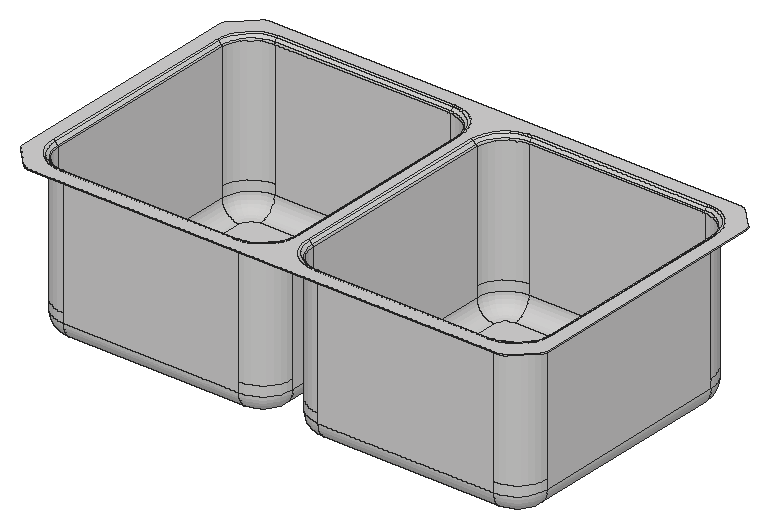
Revit family "Sink-Undermount-Kitchen-KOHLER-Undertone-K-3171_1", category Plumbing Fixtures, host Face, Revit 2017 (continued)
Definition of nested family "K-3171"
  Forms (in)
    Extrusion 147, solid, visible <- "Sink_Rack", detail levels coarse
      sketch origin (0, 0, 0) x (1, 0, 0) y (0, 1, 0)
        loop
          line (-12.87123, -10.375) -> (-2.37379, -10.375)
          arc (-2.37379, -10.375) -> (-1.40152, -9.97227) -> (-0.99879, -9) r 1.375
          line (-0.99879, -9) -> (-0.99879, 3.25)
          arc (-0.99879, 3.25) -> (-1.40152, 4.22227) -> (-2.37379, 4.625) r 1.375
      from -8.06692 to -8.38557
    Extrusion 148, solid, material <- "Material", detail levels medium+fine
      sketch origin (0, 0, 0) x (1, 0, 0) y (0, 1, 0)
        loop
          circle (-7.625, 0) r 0.07417
        loop
          circle (7.625, 0) r 0.07417
      from -9.75 to -9.72944
  Cuts and joins
    Revolve 5, Revolve 22 cuts Revolve 4
    Revolve 22 cuts Sweep 1
    Revolve 5, Revolve 22 cuts Extrusion 2
    Revolve 5, Revolve 22 cuts Blend 3
    Revolve 22 cuts Sweep 7
    Revolve 22 cuts Blend 8
    Revolve 22 cuts Extrusion 9
    Revolve 22 cuts Extrusion 10
    joined: Sweep 1, Extrusion 2, Blend 3, Sweep 7, Blend 8, Extrusion 9, Extrusion 10
    Extrusion 15 cuts Extrusion 14
    Revolve 22, Extrusion 23, Extrusion 24, Extrusion 36, Extrusion 37, Extrusion 38, Extrusion 39, Extrusion 40, Extrusion 41, Extrusion 42, Extrusion 43, Extrusion 44, Extrusion 45, Extrusion 46, Extrusion 47, Extrusion 48, Extrusion 49, Extrusion 50, Extrusion 51, Extrusion 52, Extrusion 53, Extrusion 54, Extrusion 55, Extrusion 56, Extrusion 57, Extrusion 58, Extrusion 59, Extrusion 60, Extrusion 61, Extrusion 62, Extrusion 63, Extrusion 64, Extrusion 65, Extrusion 66, Extrusion 67, Extrusion 87, Extrusion 88, Extrusion 116, Extrusion 117, Extrusion 118, Extrusion 119, Extrusion 120, Extrusion 121, Extrusion 122, Extrusion 123, Extrusion 124, Extrusion 125, Extrusion 126, Extrusion 127, Extrusion 128, Extrusion 129, Extrusion 130, Extrusion 131, Extrusion 132, Extrusion 133, Extrusion 134, Extrusion 135, Extrusion 136, Extrusion 137, Extrusion 138, Extrusion 139, Extrusion 140, Extrusion 141, Extrusion 142 cuts Revolve 6
    Revolve 22 cuts Revolve 20
    Extrusion 24, Extrusion 25, Extrusion 26, Extrusion 27, Extrusion 28, Extrusion 29, Extrusion 30, Extrusion 31, Extrusion 32, Extrusion 33, Extrusion 34, Extrusion 35, Extrusion 48, Extrusion 68, Extrusion 69, Extrusion 70, Extrusion 71, Extrusion 72, Extrusion 73, Extrusion 74, Extrusion 75, Extrusion 76, Extrusion 77, Extrusion 78, Extrusion 79, Extrusion 80, Extrusion 81, Extrusion 82, Extrusion 83, Extrusion 84, Extrusion 85, Extrusion 86, Extrusion 88, Extrusion 89, Extrusion 90, Extrusion 91, Extrusion 92, Extrusion 93, Extrusion 94, Extrusion 95, Extrusion 96, Extrusion 97, Extrusion 98, Extrusion 99, Extrusion 100, Extrusion 101, Extrusion 102, Extrusion 103, Extrusion 104, Extrusion 105, Extrusion 106, Extrusion 107, Extrusion 108, Extrusion 109, Extrusion 110, Extrusion 111, Extrusion 112, Extrusion 113, Extrusion 114, Extrusion 115 cuts Revolve 21
    Extrusion 144 cuts Extrusion 143
  Lines and regions (in)
    Masking region 1
      outline origin (-7.625, 0, 0) x (0, 1, 0) y (0, 0, 1)
        loop
          line (6.125, 0) -> (-11.875, 0) -> (-11.875, -0.048) -> (-11.06244, -0.048)
          arc (-11.06244, -0.048) -> (-11.02427, -0.05556) -> (-10.99184, -0.07708) r 0.10024
          line (-10.99184, -0.07708) -> (-10.83272, -0.23496)
          arc (-10.83272, -0.23496) -> (-10.80817, -0.27147) -> (-10.79955, -0.3146) r 0.1122
          line (-10.79955, -0.3146) -> (-10.79955, -8.36378)
          arc (-10.79955, -8.36378) -> (-10.47283, -9.15255) -> (-9.68406, -9.47927) r 1.11549
          line (-9.68406, -9.47927) -> (-2.36146, -9.55324) -> (-2.30582, -9.62708)
          arc (-2.30582, -9.62708) -> (-2.28533, -9.64707) -> (-2.25979, -9.66001) r 0.09453
          line (-2.25979, -9.66001) -> (-2.06006, -9.72552)
          arc (-2.06006, -9.72552) -> (-1.98445, -9.74384) -> (-1.90691, -9.75) r 0.49136
          line (-1.90691, -9.75) -> (1.86557, -9.75)
          arc (1.86557, -9.75) -> (1.98394, -9.7406) -> (2.09933, -9.71264) r 0.75
          line (2.09933, -9.71264) -> (2.25979, -9.66001)
          arc (2.25979, -9.66001) -> (2.28533, -9.64707) -> (2.30582, -9.62708) r 0.09453
          line (2.30582, -9.62708) -> (2.36146, -9.55324) -> (3.77292, -9.47927) -> (3.93406, -9.47927)
          arc (3.93406, -9.47927) -> (4.72283, -9.15255) -> (5.04955, -8.36378) r 1.11549
          line (5.04955, -8.36378) -> (5.04955, -0.3146)
          arc (5.04955, -0.3146) -> (5.05817, -0.27147) -> (5.08272, -0.23496) r 0.1122
          line (5.08272, -0.23496) -> (5.24184, -0.07708)
          arc (5.24184, -0.07708) -> (5.27427, -0.05556) -> (5.31244, -0.048) r 0.10024
          line (5.31244, -0.048) -> (6.125, -0.048) -> (6.125, 0)
    Masking region 2
      outline origin (0, 0, 0) x (1, 0, 0) y (0, 0, 1)
        loop
          line (-15.75, 0) -> (-15.75, -0.048) -> (-14.94093, -0.048)
          arc (-14.94093, -0.048) -> (-14.89832, -0.05648) -> (-14.86219, -0.08061) r 0.11135
          line (-14.86219, -0.08061) -> (-14.70683, -0.23597)
          arc (-14.70683, -0.23597) -> (-14.68279, -0.27195) -> (-14.67435, -0.31439) r 0.1109
          line (-14.67435, -0.31439) -> (-14.67435, -8.39815)
          arc (-14.67435, -8.39815) -> (-14.3577, -9.16262) -> (-13.59323, -9.47927) r 1.08112
          line (-13.59323, -9.47927) -> (-13.45823, -9.47927) -> (-9.98522, -9.55341) -> (-9.94813, -9.60638)
          arc (-9.94813, -9.60638) -> (-9.91201, -9.64346) -> (-9.86599, -9.66717) r 0.16103
          line (-9.86599, -9.66717) -> (-9.61105, -9.75) -> (-5.63895, -9.75) -> (-5.38401, -9.66717)
          arc (-5.38401, -9.66717) -> (-5.33799, -9.64346) -> (-5.30187, -9.60638) r 0.16103
          line (-5.30187, -9.60638) -> (-5.26478, -9.55341) -> (-1.79177, -9.47927) -> (-1.65677, -9.47927)
          arc (-1.65677, -9.47927) -> (-0.8923, -9.16262) -> (-0.57565, -8.39815) r 1.08112
          line (-0.57565, -8.39815) -> (-0.57565, -0.31439)
          arc (-0.57565, -0.31439) -> (-0.56721, -0.27195) -> (-0.54317, -0.23597) r 0.1109
          line (-0.54317, -0.23597) -> (-0.38781, -0.08061)
          arc (-0.38781, -0.08061) -> (-0.35168, -0.05648) -> (-0.30907, -0.048) r 0.11135
          line (-0.30907, -0.048) -> (0.30907, -0.048)
          arc (0.30907, -0.048) -> (0.35168, -0.05648) -> (0.38781, -0.08061) r 0.11135
          line (0.38781, -0.08061) -> (0.54317, -0.23597)
          arc (0.54317, -0.23597) -> (0.56721, -0.27195) -> (0.57565, -0.31439) r 0.1109
          line (0.57565, -0.31439) -> (0.57565, -8.39815)
          arc (0.57565, -8.39815) -> (0.8923, -9.16262) -> (1.65677, -9.47927) r 1.08112
          line (1.65677, -9.47927) -> (1.79177, -9.47927) -> (5.26478, -9.55341) -> (5.30187, -9.60638)
          arc (5.30187, -9.60638) -> (5.33799, -9.64346) -> (5.38401, -9.66717) r 0.16103
          line (5.38401, -9.66717) -> (5.63895, -9.75) -> (9.61105, -9.75) -> (9.86599, -9.66717)
          arc (9.86599, -9.66717) -> (9.91201, -9.64346) -> (9.94813, -9.60638) r 0.16103
          line (9.94813, -9.60638) -> (9.98522, -9.55341) -> (13.45823, -9.47927) -> (13.59323, -9.47927)
          arc (13.59323, -9.47927) -> (14.3577, -9.16262) -> (14.67435, -8.39815) r 1.08112
          line (14.67435, -8.39815) -> (14.67435, -0.31439)
          arc (14.67435, -0.31439) -> (14.68279, -0.27195) -> (14.70683, -0.23597) r 0.1109
          line (14.70683, -0.23597) -> (14.86219, -0.08061)
          arc (14.86219, -0.08061) -> (14.89832, -0.05648) -> (14.94093, -0.048) r 0.11135
          line (14.94093, -0.048) -> (15.75, -0.048) -> (15.75, 0) -> (-15.75, 0)
    Masking region 3
      outline origin (0, 0, 0) x (1, 0, 0) y (0, 1, 0)
        loop
          line (-14.50217, 5.97283) -> (-15.59806, 4.87694)
          arc (-15.59806, 4.87694) -> (-15.71051, 4.70864) -> (-15.75, 4.51012) r 0.51876
          line (-15.75, 4.51012) -> (-15.75, -10.2598)
          arc (-15.75, -10.2598) -> (-15.71045, -10.45862) -> (-15.59783, -10.62717) r 0.51953
          line (-15.59783, -10.62717) -> (-14.50217, -11.72283)
          arc (-14.50217, -11.72283) -> (-14.33362, -11.83545) -> (-14.1348, -11.875) r 0.51953
          line (-14.1348, -11.875) -> (14.1348, -11.875)
          arc (14.1348, -11.875) -> (14.33362, -11.83545) -> (14.50217, -11.72283) r 0.51953
          line (14.50217, -11.72283) -> (15.59741, -10.62759)
          arc (15.59741, -10.62759) -> (15.71034, -10.45857) -> (15.75, -10.25921) r 0.52097
          line (15.75, -10.25921) -> (15.75, 4.5098)
          arc (15.75, 4.5098) -> (15.71045, 4.70862) -> (15.59783, 4.87717) r 0.51953
          line (15.59783, 4.87717) -> (14.50217, 5.97283)
          arc (14.50217, 5.97283) -> (14.33362, 6.08545) -> (14.1348, 6.125) r 0.51953
          line (14.1348, 6.125) -> (-14.1348, 6.125)
          arc (-14.1348, 6.125) -> (-14.33362, 6.08545) -> (-14.50217, 5.97283) r 0.51953
    symbolic lines, detail levels medium+fine
      curve 1: line (-7.625, 5.31244, -0.048) -> (-7.625, -11.06244, -0.048)
      curve 2: line (-7.625, 2.36831, -9.55324) -> (-7.625, -2.36831, -9.55324)
      curve 3: line (-14.97349, 0, -0.048) -> (-0.27651, 0, -0.048)
      curve 4: line (-9.99331, 0, -9.55324) -> (-5.25669, 0, -9.55324)
      curve 5: line (14.97349, 0, -0.048) -> (0.27651, 0, -0.048)
      curve 6: line (9.99331, 0, -9.55324) -> (5.25669, 0, -9.55324)
      curve 15: line (12.875, -9.58323, 0) -> (2.375, -9.58323, 0)
      curve 16: arc (2.375, -9.58323, 0) -> (1.96259, -9.41241, 0) -> (1.79177, -9, 0) r 0.58323
      curve 17: line (1.79177, -9, 0) -> (1.79177, 3.25, 0)
      curve 18: arc (1.79177, 3.25, 0) -> (1.96259, 3.66241, 0) -> (2.375, 3.83323, 0) r 0.58323
      curve 19: line (2.375, 3.83323, 0) -> (12.875, 3.83323, 0)
      curve 20: arc (12.875, 3.83323, 0) -> (13.28741, 3.66241, 0) -> (13.45823, 3.25, 0) r 0.58323
      curve 21: line (13.45823, 3.25, 0) -> (13.45823, -9, 0)
      curve 22: arc (13.45823, -9, 0) -> (13.28741, -9.41241, 0) -> (12.875, -9.58323, 0) r 0.58323
      curve 25: arc (7.625, -1.55101, 0) -> (6.07399, 0, 0) -> (7.625, 1.55101, 0) r 1.55101
      curve 26: arc (7.625, 1.55101, 0) -> (9.17601, 0, 0) -> (7.625, -1.55101, 0) r 1.55101
      curve 27: arc (7.53125, 1.28717, 0) -> (7.625, 1.19342, 0) -> (7.71875, 1.28717, 0) r 0.09375
      curve 28: arc (7.71875, 1.28717, 0) -> (7.625, 1.38092, 0) -> (7.53125, 1.28717, 0) r 0.09375
      curve 29: arc (7.53125, 0.94907, 0) -> (7.625, 0.85532, 0) -> (7.71875, 0.94907, 0) r 0.09375
      curve 30: arc (7.71875, 0.94907, 0) -> (7.625, 1.04282, 0) -> (7.53125, 0.94907, 0) r 0.09375
      curve 31: arc (7.81986, 1.27578, 0) -> (7.89042, 1.16353, 0) -> (8.00267, 1.23408, 0) r 0.09375
      curve 32: arc (8.00267, 1.23408, 0) -> (7.93212, 1.34633, 0) -> (7.81986, 1.27578, 0) r 0.09375
      curve 33: arc (8.00744, 0.87365, 0) -> (7.94725, 0.99178, 0) -> (7.82912, 0.93159, 0) r 0.09375
      curve 34: arc (7.82912, 0.93159, 0) -> (7.88931, 0.81346, 0) -> (8.00744, 0.87365, 0) r 0.09375
      curve 35: arc (8.09872, 1.20049, 0) -> (8.14254, 1.07536, 0) -> (8.26767, 1.11918, 0) r 0.09375
      curve 36: arc (8.26767, 1.11918, 0) -> (8.22385, 1.24431, 0) -> (8.09872, 1.20049, 0) r 0.09375
      curve 37: arc (8.35384, 1.06507, 0) -> (8.36873, 0.93333, 0) -> (8.50048, 0.94822, 0) r 0.09375
      curve 38: arc (8.50048, 0.94822, 0) -> (8.48558, 1.07997, 0) -> (8.35384, 1.06507, 0) r 0.09375
      curve 39: arc (8.25869, 0.71271, 0) -> (8.23795, 0.84366, 0) -> (8.107, 0.82292, 0) r 0.09375
      curve 40: arc (8.107, 0.82292, 0) -> (8.12774, 0.69197, 0) -> (8.25869, 0.71271, 0) r 0.09375
      curve 41: arc (7.85441, 0.58484, 0) -> (7.88872, 0.45678, 0) -> (8.01679, 0.49109, 0) r 0.09375
      curve 42: arc (8.01679, 0.49109, 0) -> (7.98247, 0.61916, 0) -> (7.85441, 0.58484, 0) r 0.09375
      curve 43: arc (7.53125, 0.62119, 0) -> (7.625, 0.52744, 0) -> (7.71875, 0.62119, 0) r 0.09375
      curve 44: arc (7.71875, 0.62119, 0) -> (7.625, 0.71494, 0) -> (7.53125, 0.62119, 0) r 0.09375
      curve 45: arc (8.11609, 0.39179, 0) -> (8.08178, 0.26372, 0) -> (8.20984, 0.22941, 0) r 0.09375
      curve 46: arc (8.20984, 0.22941, 0) -> (8.24416, 0.35747, 0) -> (8.11609, 0.39179, 0) r 0.09375
      curve 47: arc (8.44792, 0.482, 0) -> (8.46866, 0.61295, 0) -> (8.33771, 0.63369, 0) r 0.09375
      curve 48: arc (8.33771, 0.63369, 0) -> (8.31697, 0.50274, 0) -> (8.44792, 0.482, 0) r 0.09375
      curve 49: arc (8.57246, 0.87631, 0) -> (8.55768, 0.74455, 0) -> (8.68944, 0.72977, 0) r 0.09375
      curve 50: arc (8.68944, 0.72977, 0) -> (8.70422, 0.86153, 0) -> (8.57246, 0.87631, 0) r 0.09375
      curve 51: arc (8.49865, 0.38244, 0) -> (8.43846, 0.26431, 0) -> (8.55659, 0.20412, 0) r 0.09375
      curve 52: arc (8.55659, 0.20412, 0) -> (8.61678, 0.32225, 0) -> (8.49865, 0.38244, 0) r 0.09375
      curve 53: arc (8.74362, 0.64364, 0) -> (8.69991, 0.51847, 0) -> (8.82508, 0.47476, 0) r 0.09375
      curve 54: arc (8.82508, 0.47476, 0) -> (8.86879, 0.59993, 0) -> (8.74362, 0.64364, 0) r 0.09375
      curve 55: arc (8.85875, 0.37874, 0) -> (8.7883, 0.26643, 0) -> (8.90061, 0.19598, 0) r 0.09375
      curve 56: arc (8.90061, 0.19598, 0) -> (8.97107, 0.30829, 0) -> (8.85875, 0.37874, 0) r 0.09375
      curve 57: arc (8.24619, 0.09375, 0) -> (8.15244, 0, 0) -> (8.24619, -0.09375, 0) r 0.09375
      curve 58: arc (8.24619, -0.09375, 0) -> (8.33994, 0, 0) -> (8.24619, 0.09375, 0) r 0.09375
      curve 59: arc (8.57407, -0.09375, 0) -> (8.66782, 0, 0) -> (8.57407, 0.09375, 0) r 0.09375
      curve 60: arc (8.57407, 0.09375, 0) -> (8.48032, 0, 0) -> (8.57407, -0.09375, 0) r 0.09375
      curve 61: arc (8.91225, -0.09263, 0) -> (9.00592, 0.00121, 0) -> (8.91209, 0.09487, 0) r 0.09375
      curve 62: arc (8.91209, 0.09487, 0) -> (8.81842, 0.00104, 0) -> (8.91225, -0.09263, 0) r 0.09375
      curve 63: arc (7.53125, -1.28717, 0) -> (7.625, -1.19342, 0) -> (7.71875, -1.28717, 0) r 0.09375
      curve 64: arc (7.71875, -1.28717, 0) -> (7.625, -1.38092, 0) -> (7.53125, -1.28717, 0) r 0.09375
      curve 65: arc (7.53125, -0.94907, 0) -> (7.625, -0.85532, 0) -> (7.71875, -0.94907, 0) r 0.09375
      curve 66: arc (7.71875, -0.94907, 0) -> (7.625, -1.04282, 0) -> (7.53125, -0.94907, 0) r 0.09375
      curve 67: arc (7.81986, -1.27578, 0) -> (7.89042, -1.16353, 0) -> (8.00267, -1.23408, 0) r 0.09375
      curve 68: arc (8.00267, -1.23408, 0) -> (7.93212, -1.34633, 0) -> (7.81986, -1.27578, 0) r 0.09375
      curve 69: arc (8.00744, -0.87365, 0) -> (7.94725, -0.99178, 0) -> (7.82912, -0.93159, 0) r 0.09375
      curve 70: arc (7.82912, -0.93159, 0) -> (7.88931, -0.81346, 0) -> (8.00744, -0.87365, 0) r 0.09375
      curve 71: arc (8.09872, -1.20049, 0) -> (8.14254, -1.07536, 0) -> (8.26767, -1.11918, 0) r 0.09375
      curve 72: arc (8.26767, -1.11918, 0) -> (8.22385, -1.24431, 0) -> (8.09872, -1.20049, 0) r 0.09375
      curve 73: arc (8.35384, -1.06507, 0) -> (8.36873, -0.93333, 0) -> (8.50048, -0.94822, 0) r 0.09375
      curve 74: arc (8.50048, -0.94822, 0) -> (8.48558, -1.07997, 0) -> (8.35384, -1.06507, 0) r 0.09375
      curve 75: arc (8.25869, -0.71271, 0) -> (8.23795, -0.84366, 0) -> (8.107, -0.82292, 0) r 0.09375
      curve 76: arc (8.107, -0.82292, 0) -> (8.12774, -0.69197, 0) -> (8.25869, -0.71271, 0) r 0.09375
      curve 77: arc (7.85441, -0.58484, 0) -> (7.88872, -0.45678, 0) -> (8.01679, -0.49109, 0) r 0.09375
      curve 78: arc (8.01679, -0.49109, 0) -> (7.98247, -0.61916, 0) -> (7.85441, -0.58484, 0) r 0.09375
      curve 79: arc (7.53125, -0.62119, 0) -> (7.625, -0.52744, 0) -> (7.71875, -0.62119, 0) r 0.09375
      curve 80: arc (7.71875, -0.62119, 0) -> (7.625, -0.71494, 0) -> (7.53125, -0.62119, 0) r 0.09375
      curve 81: arc (8.11609, -0.39179, 0) -> (8.08178, -0.26372, 0) -> (8.20984, -0.22941, 0) r 0.09375
      curve 82: arc (8.20984, -0.22941, 0) -> (8.24416, -0.35747, 0) -> (8.11609, -0.39179, 0) r 0.09375
      curve 83: arc (8.44792, -0.482, 0) -> (8.46866, -0.61295, 0) -> (8.33771, -0.63369, 0) r 0.09375
      curve 84: arc (8.33771, -0.63369, 0) -> (8.31697, -0.50274, 0) -> (8.44792, -0.482, 0) r 0.09375
      curve 85: arc (8.57246, -0.87631, 0) -> (8.55768, -0.74455, 0) -> (8.68944, -0.72977, 0) r 0.09375
      curve 86: arc (8.68944, -0.72977, 0) -> (8.70422, -0.86153, 0) -> (8.57246, -0.87631, 0) r 0.09375
      curve 87: arc (8.49865, -0.38244, 0) -> (8.43846, -0.26431, 0) -> (8.55659, -0.20412, 0) r 0.09375
      curve 88: arc (8.55659, -0.20412, 0) -> (8.61678, -0.32225, 0) -> (8.49865, -0.38244, 0) r 0.09375
      curve 89: arc (8.74362, -0.64364, 0) -> (8.69991, -0.51847, 0) -> (8.82508, -0.47476, 0) r 0.09375
      curve 90: arc (8.82508, -0.47476, 0) -> (8.86879, -0.59993, 0) -> (8.74362, -0.64364, 0) r 0.09375
      curve 91: arc (8.85875, -0.37874, 0) -> (8.7883, -0.26643, 0) -> (8.90061, -0.19598, 0) r 0.09375
      curve 92: arc (8.90061, -0.19598, 0) -> (8.97107, -0.30829, 0) -> (8.85875, -0.37874, 0) r 0.09375
      curve 93: arc (7.43014, -1.27578, 0) -> (7.35958, -1.16353, 0) -> (7.24733, -1.23408, 0) r 0.09375
      curve 94: arc (7.24733, -1.23408, 0) -> (7.31788, -1.34633, 0) -> (7.43014, -1.27578, 0) r 0.09375
      curve 95: arc (7.24256, -0.87365, 0) -> (7.30275, -0.99178, 0) -> (7.42088, -0.93159, 0) r 0.09375
      curve 96: arc (7.42088, -0.93159, 0) -> (7.36069, -0.81346, 0) -> (7.24256, -0.87365, 0) r 0.09375
      curve 97: arc (7.15128, -1.20049, 0) -> (7.10746, -1.07536, 0) -> (6.98233, -1.11918, 0) r 0.09375
      curve 98: arc (6.98233, -1.11918, 0) -> (7.02615, -1.24431, 0) -> (7.15128, -1.20049, 0) r 0.09375
      curve 99: arc (6.89616, -1.06507, 0) -> (6.88127, -0.93333, 0) -> (6.74952, -0.94822, 0) r 0.09375
      curve 100: arc (6.74952, -0.94822, 0) -> (6.76442, -1.07997, 0) -> (6.89616, -1.06507, 0) r 0.09375
      curve 101: arc (6.99131, -0.71271, 0) -> (7.01205, -0.84366, 0) -> (7.143, -0.82292, 0) r 0.09375
      curve 102: arc (7.143, -0.82292, 0) -> (7.12226, -0.69197, 0) -> (6.99131, -0.71271, 0) r 0.09375
      curve 103: arc (7.39559, -0.58484, 0) -> (7.36128, -0.45678, 0) -> (7.23321, -0.49109, 0) r 0.09375
      curve 104: arc (7.23321, -0.49109, 0) -> (7.26753, -0.61916, 0) -> (7.39559, -0.58484, 0) r 0.09375
      curve 105: arc (7.13391, -0.39179, 0) -> (7.16822, -0.26372, 0) -> (7.04016, -0.22941, 0) r 0.09375
      curve 106: arc (7.04016, -0.22941, 0) -> (7.00584, -0.35747, 0) -> (7.13391, -0.39179, 0) r 0.09375
      curve 107: arc (6.80208, -0.482, 0) -> (6.78134, -0.61295, 0) -> (6.91229, -0.63369, 0) r 0.09375
      curve 108: arc (6.91229, -0.63369, 0) -> (6.93303, -0.50274, 0) -> (6.80208, -0.482, 0) r 0.09375
      curve 109: arc (6.67754, -0.87631, 0) -> (6.69232, -0.74455, 0) -> (6.56056, -0.72977, 0) r 0.09375
      curve 110: arc (6.56056, -0.72977, 0) -> (6.54578, -0.86153, 0) -> (6.67754, -0.87631, 0) r 0.09375
      curve 111: arc (6.75135, -0.38244, 0) -> (6.81154, -0.26431, 0) -> (6.69341, -0.20412, 0) r 0.09375
      curve 112: arc (6.69341, -0.20412, 0) -> (6.63322, -0.32225, 0) -> (6.75135, -0.38244, 0) r 0.09375
      curve 113: arc (6.50638, -0.64364, 0) -> (6.55009, -0.51847, 0) -> (6.42492, -0.47476, 0) r 0.09375
      curve 114: arc (6.42492, -0.47476, 0) -> (6.38121, -0.59993, 0) -> (6.50638, -0.64364, 0) r 0.09375
      curve 115: arc (6.39125, -0.37874, 0) -> (6.4617, -0.26643, 0) -> (6.34939, -0.19598, 0) r 0.09375
      curve 116: arc (6.34939, -0.19598, 0) -> (6.27893, -0.30829, 0) -> (6.39125, -0.37874, 0) r 0.09375
      curve 117: arc (7.43014, 1.27578, 0) -> (7.35958, 1.16353, 0) -> (7.24733, 1.23408, 0) r 0.09375
      curve 118: arc (7.24733, 1.23408, 0) -> (7.31788, 1.34633, 0) -> (7.43014, 1.27578, 0) r 0.09375
      curve 119: arc (7.24256, 0.87365, 0) -> (7.30275, 0.99178, 0) -> (7.42088, 0.93159, 0) r 0.09375
      curve 120: arc (7.42088, 0.93159, 0) -> (7.36069, 0.81346, 0) -> (7.24256, 0.87365, 0) r 0.09375
      curve 121: arc (7.15128, 1.20049, 0) -> (7.10746, 1.07536, 0) -> (6.98233, 1.11918, 0) r 0.09375
      curve 122: arc (6.98233, 1.11918, 0) -> (7.02615, 1.24431, 0) -> (7.15128, 1.20049, 0) r 0.09375
      curve 123: arc (6.89616, 1.06507, 0) -> (6.88127, 0.93333, 0) -> (6.74952, 0.94822, 0) r 0.09375
      curve 124: arc (6.74952, 0.94822, 0) -> (6.76442, 1.07997, 0) -> (6.89616, 1.06507, 0) r 0.09375
      curve 125: arc (6.99131, 0.71271, 0) -> (7.01205, 0.84366, 0) -> (7.143, 0.82292, 0) r 0.09375
      curve 126: arc (7.143, 0.82292, 0) -> (7.12226, 0.69197, 0) -> (6.99131, 0.71271, 0) r 0.09375
      curve 127: arc (7.39559, 0.58484, 0) -> (7.36128, 0.45678, 0) -> (7.23321, 0.49109, 0) r 0.09375
      curve 128: arc (7.23321, 0.49109, 0) -> (7.26753, 0.61916, 0) -> (7.39559, 0.58484, 0) r 0.09375
      curve 129: arc (7.13391, 0.39179, 0) -> (7.16822, 0.26372, 0) -> (7.04016, 0.22941, 0) r 0.09375
      curve 130: arc (7.04016, 0.22941, 0) -> (7.00584, 0.35747, 0) -> (7.13391, 0.39179, 0) r 0.09375
      curve 131: arc (6.80208, 0.482, 0) -> (6.78134, 0.61295, 0) -> (6.91229, 0.63369, 0) r 0.09375
      curve 132: arc (6.91229, 0.63369, 0) -> (6.93303, 0.50274, 0) -> (6.80208, 0.482, 0) r 0.09375
      curve 133: arc (6.67754, 0.87631, 0) -> (6.69232, 0.74455, 0) -> (6.56056, 0.72977, 0) r 0.09375
      curve 134: arc (6.56056, 0.72977, 0) -> (6.54578, 0.86153, 0) -> (6.67754, 0.87631, 0) r 0.09375
      curve 135: arc (6.75135, 0.38244, 0) -> (6.81154, 0.26431, 0) -> (6.69341, 0.20412, 0) r 0.09375
      curve 136: arc (6.69341, 0.20412, 0) -> (6.63322, 0.32225, 0) -> (6.75135, 0.38244, 0) r 0.09375
      curve 137: arc (6.50638, 0.64364, 0) -> (6.55009, 0.51847, 0) -> (6.42492, 0.47476, 0) r 0.09375
      curve 138: arc (6.42492, 0.47476, 0) -> (6.38121, 0.59993, 0) -> (6.50638, 0.64364, 0) r 0.09375
      curve 139: arc (6.39125, 0.37874, 0) -> (6.4617, 0.26643, 0) -> (6.34939, 0.19598, 0) r 0.09375
      curve 140: arc (6.34939, 0.19598, 0) -> (6.27893, 0.30829, 0) -> (6.39125, 0.37874, 0) r 0.09375
      curve 141: arc (7.00381, 0.09375, 0) -> (7.09756, 0, 0) -> (7.00381, -0.09375, 0) r 0.09375
      curve 142: arc (7.00381, -0.09375, 0) -> (6.91006, 0, 0) -> (7.00381, 0.09375, 0) r 0.09375
      curve 143: arc (6.67593, -0.09375, 0) -> (6.58218, 0, 0) -> (6.67593, 0.09375, 0) r 0.09375
      curve 144: arc (6.67593, 0.09375, 0) -> (6.76968, 0, 0) -> (6.67593, -0.09375, 0) r 0.09375
      curve 145: arc (6.33775, -0.09263, 0) -> (6.24408, 0.00121, 0) -> (6.33791, 0.09487, 0) r 0.09375
      curve 146: arc (6.33791, 0.09487, 0) -> (6.43158, 0.00104, 0) -> (6.33775, -0.09263, 0) r 0.09375
      curve 147: circle (7.625, 0, 0) r 0.31524 normal (0, 0, 1)
      curve 398: line (-12.875, -9.58323, -8.81801) -> (-9.85249, -9.58323, -8.81801)
      curve 399: arc (-2.375, -9.58323, -8.81801) -> (-2.25314, -9.57036, -8.81801) -> (-2.13665, -9.53231, -8.81801) r 0.58323
      curve 400: line (-1.79177, -9, -8.81801) -> (-1.79177, -8.66525, -8.81801)
      curve 401: arc (-1.79177, 3.25, -8.81801) -> (-1.80874, 3.38966, -8.81801) -> (-1.85865, 3.52119, -8.81801) r 0.58323
      curve 402: line (-2.375, 3.83323, -8.81801) -> (-5.41528, 3.83323, -8.81801)
      curve 403: arc (-12.875, 3.83323, -8.81801) -> (-13.12061, 3.77899, -8.81801) -> (-13.32054, 3.62637, -8.81801) r 0.58323
      curve 404: line (-13.45823, 3.25, -8.81801) -> (-13.45823, 2.91525, -8.81801)
      curve 405: arc (-13.45823, -9, -8.81801) -> (-13.42523, -9.19342, -8.81801) -> (-13.32995, -9.36494, -8.81801) r 0.58323
      curve 408: arc (-7.625, -1.55101, 0) -> (-6.07399, 0, 0) -> (-7.625, 1.55101, 0) r 1.55101
      curve 409: arc (-7.625, 1.55101, 0) -> (-9.17601, 0, 0) -> (-7.625, -1.55101, 0) r 1.55101
      curve 410: arc (-7.53125, 1.28717, 0) -> (-7.625, 1.19342, 0) -> (-7.71875, 1.28717, 0) r 0.09375
      curve 411: arc (-7.71875, 1.28717, 0) -> (-7.625, 1.38092, 0) -> (-7.53125, 1.28717, 0) r 0.09375
      curve 412: arc (-7.53125, 0.94907, 0) -> (-7.625, 0.85532, 0) -> (-7.71875, 0.94907, 0) r 0.09375
      curve 413: arc (-7.71875, 0.94907, 0) -> (-7.625, 1.04282, 0) -> (-7.53125, 0.94907, 0) r 0.09375
      curve 414: arc (-7.81986, 1.27578, 0) -> (-7.89042, 1.16353, 0) -> (-8.00267, 1.23408, 0) r 0.09375
      curve 415: arc (-8.00267, 1.23408, 0) -> (-7.93212, 1.34633, 0) -> (-7.81986, 1.27578, 0) r 0.09375
      curve 416: arc (-8.00744, 0.87365, 0) -> (-7.94725, 0.99178, 0) -> (-7.82912, 0.93159, 0) r 0.09375
      curve 417: arc (-7.82912, 0.93159, 0) -> (-7.88931, 0.81346, 0) -> (-8.00744, 0.87365, 0) r 0.09375
      curve 418: arc (-8.09872, 1.20049, 0) -> (-8.14254, 1.07536, 0) -> (-8.26767, 1.11918, 0) r 0.09375
      curve 419: arc (-8.26767, 1.11918, 0) -> (-8.22385, 1.24431, 0) -> (-8.09872, 1.20049, 0) r 0.09375
      curve 420: arc (-8.35384, 1.06507, 0) -> (-8.36873, 0.93333, 0) -> (-8.50048, 0.94822, 0) r 0.09375
      curve 421: arc (-8.50048, 0.94822, 0) -> (-8.48558, 1.07997, 0) -> (-8.35384, 1.06507, 0) r 0.09375
      curve 422: arc (-8.25869, 0.71271, 0) -> (-8.23795, 0.84366, 0) -> (-8.107, 0.82292, 0) r 0.09375
      curve 423: arc (-8.107, 0.82292, 0) -> (-8.12774, 0.69197, 0) -> (-8.25869, 0.71271, 0) r 0.09375
      curve 424: arc (-7.85441, 0.58484, 0) -> (-7.88872, 0.45678, 0) -> (-8.01679, 0.49109, 0) r 0.09375
      curve 425: arc (-8.01679, 0.49109, 0) -> (-7.98247, 0.61916, 0) -> (-7.85441, 0.58484, 0) r 0.09375
      curve 426: arc (-7.53125, 0.62119, 0) -> (-7.625, 0.52744, 0) -> (-7.71875, 0.62119, 0) r 0.09375
      curve 427: arc (-7.71875, 0.62119, 0) -> (-7.625, 0.71494, 0) -> (-7.53125, 0.62119, 0) r 0.09375
      curve 428: arc (-8.11609, 0.39179, 0) -> (-8.08178, 0.26372, 0) -> (-8.20984, 0.22941, 0) r 0.09375
      curve 429: arc (-8.20984, 0.22941, 0) -> (-8.24416, 0.35747, 0) -> (-8.11609, 0.39179, 0) r 0.09375
      curve 430: arc (-8.44792, 0.482, 0) -> (-8.46866, 0.61295, 0) -> (-8.33771, 0.63369, 0) r 0.09375
      curve 431: arc (-8.33771, 0.63369, 0) -> (-8.31697, 0.50274, 0) -> (-8.44792, 0.482, 0) r 0.09375
      curve 432: arc (-8.57246, 0.87631, 0) -> (-8.55768, 0.74455, 0) -> (-8.68944, 0.72977, 0) r 0.09375
      curve 433: arc (-8.68944, 0.72977, 0) -> (-8.70422, 0.86153, 0) -> (-8.57246, 0.87631, 0) r 0.09375
      curve 434: arc (-8.49865, 0.38244, 0) -> (-8.43846, 0.26431, 0) -> (-8.55659, 0.20412, 0) r 0.09375
      curve 435: arc (-8.55659, 0.20412, 0) -> (-8.61678, 0.32225, 0) -> (-8.49865, 0.38244, 0) r 0.09375
      curve 436: arc (-8.74362, 0.64364, 0) -> (-8.69991, 0.51847, 0) -> (-8.82508, 0.47476, 0) r 0.09375
      curve 437: arc (-8.82508, 0.47476, 0) -> (-8.86879, 0.59993, 0) -> (-8.74362, 0.64364, 0) r 0.09375
      curve 438: arc (-8.85875, 0.37874, 0) -> (-8.7883, 0.26643, 0) -> (-8.90061, 0.19598, 0) r 0.09375
      curve 439: arc (-8.90061, 0.19598, 0) -> (-8.97107, 0.30829, 0) -> (-8.85875, 0.37874, 0) r 0.09375
      curve 440: arc (-8.24619, 0.09375, 0) -> (-8.15244, 0, 0) -> (-8.24619, -0.09375, 0) r 0.09375
      curve 441: arc (-8.24619, -0.09375, 0) -> (-8.33994, 0, 0) -> (-8.24619, 0.09375, 0) r 0.09375
      curve 442: arc (-8.57407, -0.09375, 0) -> (-8.66782, 0, 0) -> (-8.57407, 0.09375, 0) r 0.09375
      curve 443: arc (-8.57407, 0.09375, 0) -> (-8.48032, 0, 0) -> (-8.57407, -0.09375, 0) r 0.09375
      curve 444: arc (-8.91225, -0.09263, 0) -> (-9.00592, 0.00121, 0) -> (-8.91209, 0.09487, 0) r 0.09375
      curve 445: arc (-8.91209, 0.09487, 0) -> (-8.81842, 0.00104, 0) -> (-8.91225, -0.09263, 0) r 0.09375
      curve 446: arc (-7.53125, -1.28717, 0) -> (-7.625, -1.19342, 0) -> (-7.71875, -1.28717, 0) r 0.09375
      curve 447: arc (-7.71875, -1.28717, 0) -> (-7.625, -1.38092, 0) -> (-7.53125, -1.28717, 0) r 0.09375
      curve 448: arc (-7.53125, -0.94907, 0) -> (-7.625, -0.85532, 0) -> (-7.71875, -0.94907, 0) r 0.09375
      curve 449: arc (-7.71875, -0.94907, 0) -> (-7.625, -1.04282, 0) -> (-7.53125, -0.94907, 0) r 0.09375
      curve 450: arc (-7.81986, -1.27578, 0) -> (-7.89042, -1.16353, 0) -> (-8.00267, -1.23408, 0) r 0.09375
      curve 451: arc (-8.00267, -1.23408, 0) -> (-7.93212, -1.34633, 0) -> (-7.81986, -1.27578, 0) r 0.09375
      curve 452: arc (-8.00744, -0.87365, 0) -> (-7.94725, -0.99178, 0) -> (-7.82912, -0.93159, 0) r 0.09375
      curve 453: arc (-7.82912, -0.93159, 0) -> (-7.88931, -0.81346, 0) -> (-8.00744, -0.87365, 0) r 0.09375
      curve 454: arc (-8.09872, -1.20049, 0) -> (-8.14254, -1.07536, 0) -> (-8.26767, -1.11918, 0) r 0.09375
      curve 455: arc (-8.26767, -1.11918, 0) -> (-8.22385, -1.24431, 0) -> (-8.09872, -1.20049, 0) r 0.09375
      curve 456: arc (-8.35384, -1.06507, 0) -> (-8.36873, -0.93333, 0) -> (-8.50048, -0.94822, 0) r 0.09375
      curve 457: arc (-8.50048, -0.94822, 0) -> (-8.48558, -1.07997, 0) -> (-8.35384, -1.06507, 0) r 0.09375
      curve 458: arc (-8.25869, -0.71271, 0) -> (-8.23795, -0.84366, 0) -> (-8.107, -0.82292, 0) r 0.09375
      curve 459: arc (-8.107, -0.82292, 0) -> (-8.12774, -0.69197, 0) -> (-8.25869, -0.71271, 0) r 0.09375
      curve 460: arc (-7.85441, -0.58484, 0) -> (-7.88872, -0.45678, 0) -> (-8.01679, -0.49109, 0) r 0.09375
      curve 461: arc (-8.01679, -0.49109, 0) -> (-7.98247, -0.61916, 0) -> (-7.85441, -0.58484, 0) r 0.09375
      curve 462: arc (-7.53125, -0.62119, 0) -> (-7.625, -0.52744, 0) -> (-7.71875, -0.62119, 0) r 0.09375
      curve 463: arc (-7.71875, -0.62119, 0) -> (-7.625, -0.71494, 0) -> (-7.53125, -0.62119, 0) r 0.09375
      curve 464: arc (-8.11609, -0.39179, 0) -> (-8.08178, -0.26372, 0) -> (-8.20984, -0.22941, 0) r 0.09375
      curve 465: arc (-8.20984, -0.22941, 0) -> (-8.24416, -0.35747, 0) -> (-8.11609, -0.39179, 0) r 0.09375
      curve 466: arc (-8.44792, -0.482, 0) -> (-8.46866, -0.61295, 0) -> (-8.33771, -0.63369, 0) r 0.09375
      curve 467: arc (-8.33771, -0.63369, 0) -> (-8.31697, -0.50274, 0) -> (-8.44792, -0.482, 0) r 0.09375
      curve 468: arc (-8.57246, -0.87631, 0) -> (-8.55768, -0.74455, 0) -> (-8.68944, -0.72977, 0) r 0.09375
      curve 469: arc (-8.68944, -0.72977, 0) -> (-8.70422, -0.86153, 0) -> (-8.57246, -0.87631, 0) r 0.09375
      curve 470: arc (-8.49865, -0.38244, 0) -> (-8.43846, -0.26431, 0) -> (-8.55659, -0.20412, 0) r 0.09375
      curve 471: arc (-8.55659, -0.20412, 0) -> (-8.61678, -0.32225, 0) -> (-8.49865, -0.38244, 0) r 0.09375
      curve 472: arc (-8.74362, -0.64364, 0) -> (-8.69991, -0.51847, 0) -> (-8.82508, -0.47476, 0) r 0.09375
      curve 473: arc (-8.82508, -0.47476, 0) -> (-8.86879, -0.59993, 0) -> (-8.74362, -0.64364, 0) r 0.09375
      curve 474: arc (-8.85875, -0.37874, 0) -> (-8.7883, -0.26643, 0) -> (-8.90061, -0.19598, 0) r 0.09375
      curve 475: arc (-8.90061, -0.19598, 0) -> (-8.97107, -0.30829, 0) -> (-8.85875, -0.37874, 0) r 0.09375
      curve 476: arc (-7.43014, -1.27578, 0) -> (-7.35958, -1.16353, 0) -> (-7.24733, -1.23408, 0) r 0.09375
      curve 477: arc (-7.24733, -1.23408, 0) -> (-7.31788, -1.34633, 0) -> (-7.43014, -1.27578, 0) r 0.09375
      curve 478: arc (-7.24256, -0.87365, 0) -> (-7.30275, -0.99178, 0) -> (-7.42088, -0.93159, 0) r 0.09375
      curve 479: arc (-7.42088, -0.93159, 0) -> (-7.36069, -0.81346, 0) -> (-7.24256, -0.87365, 0) r 0.09375
      curve 480: arc (-7.15128, -1.20049, 0) -> (-7.10746, -1.07536, 0) -> (-6.98233, -1.11918, 0) r 0.09375
      curve 481: arc (-6.98233, -1.11918, 0) -> (-7.02615, -1.24431, 0) -> (-7.15128, -1.20049, 0) r 0.09375
      curve 482: arc (-6.89616, -1.06507, 0) -> (-6.88127, -0.93333, 0) -> (-6.74952, -0.94822, 0) r 0.09375
      curve 483: arc (-6.74952, -0.94822, 0) -> (-6.76442, -1.07997, 0) -> (-6.89616, -1.06507, 0) r 0.09375
      curve 484: arc (-6.99131, -0.71271, 0) -> (-7.01205, -0.84366, 0) -> (-7.143, -0.82292, 0) r 0.09375
      curve 485: arc (-7.143, -0.82292, 0) -> (-7.12226, -0.69197, 0) -> (-6.99131, -0.71271, 0) r 0.09375
      curve 486: arc (-7.39559, -0.58484, 0) -> (-7.36128, -0.45678, 0) -> (-7.23321, -0.49109, 0) r 0.09375
      curve 487: arc (-7.23321, -0.49109, 0) -> (-7.26753, -0.61916, 0) -> (-7.39559, -0.58484, 0) r 0.09375
      curve 488: arc (-7.13391, -0.39179, 0) -> (-7.16822, -0.26372, 0) -> (-7.04016, -0.22941, 0) r 0.09375
      curve 489: arc (-7.04016, -0.22941, 0) -> (-7.00584, -0.35747, 0) -> (-7.13391, -0.39179, 0) r 0.09375
      curve 490: arc (-6.80208, -0.482, 0) -> (-6.78134, -0.61295, 0) -> (-6.91229, -0.63369, 0) r 0.09375
      curve 491: arc (-6.91229, -0.63369, 0) -> (-6.93303, -0.50274, 0) -> (-6.80208, -0.482, 0) r 0.09375
      curve 492: arc (-6.67754, -0.87631, 0) -> (-6.69232, -0.74455, 0) -> (-6.56056, -0.72977, 0) r 0.09375
      curve 493: arc (-6.56056, -0.72977, 0) -> (-6.54578, -0.86153, 0) -> (-6.67754, -0.87631, 0) r 0.09375
      curve 494: arc (-6.75135, -0.38244, 0) -> (-6.81154, -0.26431, 0) -> (-6.69341, -0.20412, 0) r 0.09375
      curve 495: arc (-6.69341, -0.20412, 0) -> (-6.63322, -0.32225, 0) -> (-6.75135, -0.38244, 0) r 0.09375
      curve 496: arc (-6.50638, -0.64364, 0) -> (-6.55009, -0.51847, 0) -> (-6.42492, -0.47476, 0) r 0.09375
      curve 497: arc (-6.42492, -0.47476, 0) -> (-6.38121, -0.59993, 0) -> (-6.50638, -0.64364, 0) r 0.09375
      curve 498: arc (-6.39125, -0.37874, 0) -> (-6.4617, -0.26643, 0) -> (-6.34939, -0.19598, 0) r 0.09375
      curve 499: arc (-6.34939, -0.19598, 0) -> (-6.27893, -0.30829, 0) -> (-6.39125, -0.37874, 0) r 0.09375
      curve 500: arc (-7.43014, 1.27578, 0) -> (-7.35958, 1.16353, 0) -> (-7.24733, 1.23408, 0) r 0.09375
      curve 501: arc (-7.24733, 1.23408, 0) -> (-7.31788, 1.34633, 0) -> (-7.43014, 1.27578, 0) r 0.09375
      curve 502: arc (-7.24256, 0.87365, 0) -> (-7.30275, 0.99178, 0) -> (-7.42088, 0.93159, 0) r 0.09375
      curve 503: arc (-7.42088, 0.93159, 0) -> (-7.36069, 0.81346, 0) -> (-7.24256, 0.87365, 0) r 0.09375
      curve 504: arc (-7.15128, 1.20049, 0) -> (-7.10746, 1.07536, 0) -> (-6.98233, 1.11918, 0) r 0.09375
      curve 505: arc (-6.98233, 1.11918, 0) -> (-7.02615, 1.24431, 0) -> (-7.15128, 1.20049, 0) r 0.09375
      curve 506: arc (-6.89616, 1.06507, 0) -> (-6.88127, 0.93333, 0) -> (-6.74952, 0.94822, 0) r 0.09375
      curve 507: arc (-6.74952, 0.94822, 0) -> (-6.76442, 1.07997, 0) -> (-6.89616, 1.06507, 0) r 0.09375
      curve 508: arc (-6.99131, 0.71271, 0) -> (-7.01205, 0.84366, 0) -> (-7.143, 0.82292, 0) r 0.09375
      curve 509: arc (-7.143, 0.82292, 0) -> (-7.12226, 0.69197, 0) -> (-6.99131, 0.71271, 0) r 0.09375
      curve 510: arc (-7.39559, 0.58484, 0) -> (-7.36128, 0.45678, 0) -> (-7.23321, 0.49109, 0) r 0.09375
      curve 511: arc (-7.23321, 0.49109, 0) -> (-7.26753, 0.61916, 0) -> (-7.39559, 0.58484, 0) r 0.09375
      curve 512: arc (-7.13391, 0.39179, 0) -> (-7.16822, 0.26372, 0) -> (-7.04016, 0.22941, 0) r 0.09375
      curve 513: arc (-7.04016, 0.22941, 0) -> (-7.00584, 0.35747, 0) -> (-7.13391, 0.39179, 0) r 0.09375
      curve 514: arc (-6.80208, 0.482, 0) -> (-6.78134, 0.61295, 0) -> (-6.91229, 0.63369, 0) r 0.09375
      curve 515: arc (-6.91229, 0.63369, 0) -> (-6.93303, 0.50274, 0) -> (-6.80208, 0.482, 0) r 0.09375
      curve 516: arc (-6.67754, 0.87631, 0) -> (-6.69232, 0.74455, 0) -> (-6.56056, 0.72977, 0) r 0.09375
      curve 517: arc (-6.56056, 0.72977, 0) -> (-6.54578, 0.86153, 0) -> (-6.67754, 0.87631, 0) r 0.09375
      curve 518: arc (-6.75135, 0.38244, 0) -> (-6.81154, 0.26431, 0) -> (-6.69341, 0.20412, 0) r 0.09375
      curve 519: arc (-6.69341, 0.20412, 0) -> (-6.63322, 0.32225, 0) -> (-6.75135, 0.38244, 0) r 0.09375
      curve 520: arc (-6.50638, 0.64364, 0) -> (-6.55009, 0.51847, 0) -> (-6.42492, 0.47476, 0) r 0.09375
      curve 521: arc (-6.42492, 0.47476, 0) -> (-6.38121, 0.59993, 0) -> (-6.50638, 0.64364, 0) r 0.09375
      curve 522: arc (-6.39125, 0.37874, 0) -> (-6.4617, 0.26643, 0) -> (-6.34939, 0.19598, 0) r 0.09375
      curve 523: arc (-6.34939, 0.19598, 0) -> (-6.27893, 0.30829, 0) -> (-6.39125, 0.37874, 0) r 0.09375
      curve 524: arc (-7.00381, 0.09375, 0) -> (-7.09756, 0, 0) -> (-7.00381, -0.09375, 0) r 0.09375
      curve 525: arc (-7.00381, -0.09375, 0) -> (-6.91006, 0, 0) -> (-7.00381, 0.09375, 0) r 0.09375
      curve 526: arc (-6.67593, -0.09375, 0) -> (-6.58218, 0, 0) -> (-6.67593, 0.09375, 0) r 0.09375
      curve 527: arc (-6.67593, 0.09375, 0) -> (-6.76968, 0, 0) -> (-6.67593, -0.09375, 0) r 0.09375
      curve 528: arc (-6.33775, -0.09263, 0) -> (-6.24408, 0.00121, 0) -> (-6.33791, 0.09487, 0) r 0.09375
      curve 529: arc (-6.33791, 0.09487, 0) -> (-6.43158, 0.00104, 0) -> (-6.33775, -0.09263, 0) r 0.09375
      curve 530: circle (-7.625, 0, 0) r 0.31524 normal (0, 0, -1)
      curve 532: arc (-13.39135, 3.52119, -8.81801) -> (-13.44126, 3.38966, -8.81801) -> (-13.45823, 3.25, -8.81801) r 0.58323
      curve 533: line (-9.85249, 3.83323, -8.81801) -> (-12.875, 3.83323, -8.81801)
      curve 535: line (-5.60239, 3.83323, -8.81801) -> (-9.66517, 3.83323, -8.81801)
      curve 537: arc (-1.9292, 3.62606, -8.81801) -> (-2.1292, 3.77891, -8.81801) -> (-2.375, 3.83323, -8.81801) r 0.58323
      curve 539: line (-1.79177, 2.91525, -8.81801) -> (-1.79177, 3.25, -8.81801)
      curve 541: line (-1.79177, 2.20885, -8.81801) -> (-1.79177, 2.80456, -8.81801)
      curve 543: line (-1.79177, 1.48785, -8.81801) -> (-1.79177, 2.09613, -8.81801)
      curve 545: line (-1.79177, 0.76379, -8.81801) -> (-1.79177, 1.37207, -8.81801)
      curve 547: line (-1.79177, 0.02076, -8.81801) -> (-1.79177, 0.62904, -8.81801)
      curve 549: line (-1.79177, -0.69102, -8.81801) -> (-1.79177, -0.08274, -8.81801)
      curve 551: line (-1.79177, -1.43405, -8.81801) -> (-1.79177, -0.82577, -8.81801)
      curve 553: line (-1.79177, -2.14583, -8.81801) -> (-1.79177, -1.53755, -8.81801)
      curve 555: line (-1.79177, -2.84199, -8.81801) -> (-1.79177, -2.2337, -8.81801)
      curve 557: line (-1.79177, -3.5163, -8.81801) -> (-1.79177, -2.90801, -8.81801)
      curve 559: line (-1.79177, -4.21245, -8.81801) -> (-1.79177, -3.60417, -8.81801)
      curve 561: line (-1.79177, -4.92423, -8.81801) -> (-1.79177, -4.31595, -8.81801)
      curve 563: line (-1.79177, -5.66726, -8.81801) -> (-1.79177, -5.05898, -8.81801)
      curve 565: line (-1.79177, -6.37904, -8.81801) -> (-1.79177, -5.77076, -8.81801)
      curve 567: line (-1.79177, -7.12207, -8.81801) -> (-1.79177, -6.51379, -8.81801)
      curve 569: line (-1.79177, -7.84613, -8.81801) -> (-1.79177, -7.23785, -8.81801)
      curve 571: line (-1.79177, -8.55456, -8.81801) -> (-1.79177, -7.95885, -8.81801)
      curve 573: arc (-1.92005, -9.36494, -8.81801) -> (-1.82477, -9.19342, -8.81801) -> (-1.79177, -9, -8.81801) r 0.58323
      curve 575: line (-5.41528, -9.58323, -8.81801) -> (-2.375, -9.58323, -8.81801)
      curve 577: line (-9.66517, -9.58323, -8.81801) -> (-5.60239, -9.58323, -8.81801)
      curve 579: arc (-13.11266, -9.53262, -8.81801) -> (-12.99649, -9.57044, -8.81801) -> (-12.875, -9.58323, -8.81801) r 0.58323
      curve 581: line (-13.45823, -8.66525, -8.81801) -> (-13.45823, -9, -8.81801)
      curve 583: line (-13.45823, -7.95885, -8.81801) -> (-13.45823, -8.55456, -8.81801)
      curve 585: line (-13.45823, -7.23785, -8.81801) -> (-13.45823, -7.84613, -8.81801)
      curve 587: line (-13.45823, -6.51379, -8.81801) -> (-13.45823, -7.12207, -8.81801)
      curve 589: line (-13.45823, -5.77076, -8.81801) -> (-13.45823, -6.37904, -8.81801)
      curve 591: line (-13.45823, -5.05898, -8.81801) -> (-13.45823, -5.66726, -8.81801)
      curve 593: line (-13.45823, -4.31595, -8.81801) -> (-13.45823, -4.92423, -8.81801)
      curve 595: line (-13.45823, -3.60417, -8.81801) -> (-13.45823, -4.21245, -8.81801)
      curve 597: line (-13.45823, -2.90801, -8.81801) -> (-13.45823, -3.5163, -8.81801)
      curve 599: line (-13.45823, -2.2337, -8.81801) -> (-13.45823, -2.84199, -8.81801)
      curve 601: line (-13.45823, -1.53755, -8.81801) -> (-13.45823, -2.14583, -8.81801)
      curve 603: line (-13.45823, -0.82577, -8.81801) -> (-13.45823, -1.43405, -8.81801)
      curve 605: line (-13.45823, -0.08274, -8.81801) -> (-13.45823, -0.69102, -8.81801)
      curve 607: line (-13.45823, 0.62904, -8.81801) -> (-13.45823, 0.02076, -8.81801)
      curve 609: line (-13.45823, 1.37207, -8.81801) -> (-13.45823, 0.76379, -8.81801)
      curve 611: line (-13.45823, 2.09613, -8.81801) -> (-13.45823, 1.48785, -8.81801)
      curve 613: line (-13.45823, 2.80456, -8.81801) -> (-13.45823, 2.20885, -8.81801)
    symbolic lines
      curve 7: line (2.37379, 5, 0) -> (12.87123, 5, 0)
      curve 8: line (2.37379, -10.75, 0) -> (12.87123, -10.75, 0)
      curve 9: line (0.62379, -9, 0) -> (0.62379, 3.25, 0)
      curve 10: line (14.62123, -9, 0) -> (14.62123, 3.25, 0)
      curve 11: arc (0.62379, 3.25, 0) -> (1.13636, 4.48744, 0) -> (2.37379, 5, 0) r 1.75
      curve 12: arc (14.62123, 3.25, 0) -> (14.10867, 4.48744, 0) -> (12.87123, 5, 0) r 1.75
      curve 13: arc (12.87123, -10.75, 0) -> (14.10867, -10.23744, 0) -> (14.62123, -9, 0) r 1.75
      curve 14: arc (0.62379, -9, 0) -> (1.13636, -10.23744, 0) -> (2.37379, -10.75, 0) r 1.75
      curve 23: arc (7.625, -1.85086, 0) -> (9.47586, 0, 0) -> (7.625, 1.85086, 0) r 1.85086
      curve 24: arc (7.625, 1.85086, 0) -> (5.77414, 0, 0) -> (7.625, -1.85086, 0) r 1.85086
      curve 390: line (-2.37379, 5, 0) -> (-12.87123, 5, 0)
      curve 391: line (-2.37379, -10.75, 0) -> (-12.87123, -10.75, 0)
      curve 392: line (-0.62379, -9, 0) -> (-0.62379, 3.25, 0)
      curve 393: line (-14.62123, -9, 0) -> (-14.62123, 3.25, 0)
      curve 394: arc (-0.62379, 3.25, 0) -> (-1.13636, 4.48744, 0) -> (-2.37379, 5, 0) r 1.75
      curve 395: arc (-14.62123, 3.25, 0) -> (-14.10867, 4.48744, 0) -> (-12.87123, 5, 0) r 1.75
      curve 396: arc (-12.87123, -10.75, 0) -> (-14.10867, -10.23744, 0) -> (-14.62123, -9, 0) r 1.75
      curve 397: arc (-0.62379, -9, 0) -> (-1.13636, -10.23744, 0) -> (-2.37379, -10.75, 0) r 1.75
      curve 406: arc (-7.625, -1.85086, 0) -> (-9.47586, 0, 0) -> (-7.625, 1.85086, 0) r 1.85086
      curve 407: arc (-7.625, 1.85086, 0) -> (-5.77414, 0, 0) -> (-7.625, -1.85086, 0) r 1.85086
    symbolic lines, visible <- "Sink_Rack", detail levels medium+fine
      curve 148: line (-2.51609, 4.73828, 0) -> (-12.75339, 4.73828, 0)
      curve 149: line (-14.35107, 3.1406, 0) -> (-14.35107, 3, 0)
      curve 150: line (-0.91843, 3.14062, 0) -> (-0.91843, 3, 0)
      curve 151: line (-12.75342, -10.43156, 0) -> (-2.51609, -10.43156, 0)
      curve 152: arc (-12.75339, 4.73828, 0) -> (-13.88312, 4.27033, 0) -> (-14.35107, 3.1406, 0) r 1.59768
      curve 153: arc (-2.51609, 4.73828, 0) -> (-1.38638, 4.27034, 0) -> (-0.91843, 3.14062, 0) r 1.59766
      curve 154: arc (-14.35106, -8.82813, 0) -> (-13.88517, -9.96157, 0) -> (-12.75342, -10.43156, 0) r 1.59766
      curve 155: arc (-2.51609, -10.43156, 0) -> (-1.38433, -9.96157, 0) -> (-0.91844, -8.82813, 0) r 1.59766
      curve 156: arc (-14.16356, -8.82813, 0) -> (-13.75259, -9.82899, 0) -> (-12.75342, -10.24406, 0) r 1.41016
      curve 157: line (-12.75342, -10.24406, 0) -> (-2.51609, -10.24406, 0)
      curve 158: arc (-2.51609, -10.24406, 0) -> (-1.51692, -9.82899, 0) -> (-1.10595, -8.82813, 0) r 1.41016
      curve 159: line (-1.10593, 3.14062, 0) -> (-1.10593, 3, 0)
      curve 160: arc (-2.51609, 4.55078, 0) -> (-1.51896, 4.13776, 0) -> (-1.10593, 3.14062, 0) r 1.41016
      curve 161: line (-2.51609, 4.55078, 0) -> (-12.75339, 4.55078, 0)
      curve 162: arc (-12.75339, 4.55078, 0) -> (-13.75054, 4.13775, 0) -> (-14.16357, 3.1406, 0) r 1.41018
      curve 163: line (-14.16357, 3.1406, 0) -> (-14.16357, 3, 0)
      curve 164: line (-13.50678, 4.33266, 0) -> (-9.85239, 4.33266, 0)
      curve 165: line (-9.85239, 4.33266, 0) -> (-9.85239, 4.55078, 0)
      curve 166: line (-9.66426, 4.55078, 0) -> (-9.66426, 4.33096, 0)
      curve 167: line (-9.66426, 4.33096, 0) -> (-5.60357, 4.33096, 0)
      curve 168: line (-5.60357, 4.33096, 0) -> (-5.60357, 4.55078, 0)
      curve 169: line (-5.41299, 4.55078, 0) -> (-5.41299, 4.33534, 0)
      curve 170: line (-5.41299, 4.33534, 0) -> (-1.76696, 4.33534, 0)
      curve 171: line (-9.85249, 4.23078, 0) -> (-9.85249, 3.62637, 0)
      curve 172: line (-9.85249, 4.23078, 0) -> (-13.64789, 4.23078, 0)
      curve 173: line (-9.85249, 3.62637, 0) -> (-14.07726, 3.62637, 0)
      curve 174: line (-9.66517, 3.62588, 0) -> (-9.66517, 4.22931, 0)
      curve 175: line (-9.66517, 4.22931, 0) -> (-5.60239, 4.22931, 0)
      curve 176: line (-5.60239, 4.22931, 0) -> (-5.60239, 3.62588, 0)
      curve 177: line (-5.60239, 3.62588, 0) -> (-9.66517, 3.62588, 0)
      curve 178: line (-5.41528, 3.62606, 0) -> (-5.41528, 4.22997, 0)
      curve 179: line (-5.41528, 4.22997, 0) -> (-1.62061, 4.22997, 0)
      curve 180: line (-5.41528, 3.62606, 0) -> (-1.19212, 3.62606, 0)
      curve 181: line (-14.62123, 3, 0) -> (-13.97639, 3, 0)
      curve 182: line (-13.97639, 3, 0) -> (-13.97639, 2.53657, 0)
      curve 183: line (-13.97639, 2.53657, 0) -> (-14.62123, 2.53657, 0)
      curve 184: line (-0.60955, 3, 0) -> (-1.27361, 3, 0)
      curve 185: line (-1.27361, 3, 0) -> (-1.27361, 2.53657, 0)
      curve 186: line (-1.27361, 2.53657, 0) -> (-0.60955, 2.53657, 0)
      curve 187: line (-0.62379, -8.82813, 0) -> (-1.27361, -8.82813, 0)
      curve 188: line (-1.27361, -8.82813, 0) -> (-1.27361, -8.28657, 0)
      curve 189: line (-14.62123, -8.82813, 0) -> (-13.97639, -8.82813, 0)
      curve 190: line (-13.97639, -8.82813, 0) -> (-13.97639, -8.28657, 0)
      curve 191: line (-13.97639, 2.91525, 0) -> (-9.8522, 2.91525, 0)
      curve 192: line (-9.8522, 2.91525, 0) -> (-9.8522, 3.52119, 0)
      curve 193: line (-9.8522, 3.52119, 0) -> (-14.11124, 3.52119, 0)
      curve 194: line (-9.67085, 2.8088, 0) -> (-9.67085, 2.20509, 0)
      curve 195: line (-9.67085, 2.20509, 0) -> (-5.60135, 2.20509, 0)
      curve 196: line (-5.60135, 2.20509, 0) -> (-5.60135, 2.8088, 0)
      curve 197: line (-5.60135, 2.8088, 0) -> (-9.67085, 2.8088, 0)
      curve 198: line (-1.27361, 2.91525, 0) -> (-5.3978, 2.91525, 0)
      curve 199: line (-5.3978, 2.91525, 0) -> (-5.3978, 3.52119, 0)
      curve 200: line (-5.3978, 3.52119, 0) -> (-1.13876, 3.52119, 0)
      curve 201: line (-9.67085, 3.5163, 0) -> (-9.67085, 2.9126, 0)
      curve 202: line (-9.67085, 2.9126, 0) -> (-5.60135, 2.9126, 0)
      curve 203: line (-5.60135, 2.9126, 0) -> (-5.60135, 3.5163, 0)
      curve 204: line (-5.60135, 3.5163, 0) -> (-9.67085, 3.5163, 0)
      curve 205: line (-13.97639, 2.80456, 0) -> (-9.85674, 2.80456, 0)
      curve 206: line (-9.85674, 2.80456, 0) -> (-9.85674, 2.20885, 0)
      curve 207: line (-9.85674, 2.20885, 0) -> (-14.16357, 2.20885, 0)
      curve 208: line (-1.27361, 2.80456, 0) -> (-5.39326, 2.80456, 0)
      curve 209: line (-5.39326, 2.80456, 0) -> (-5.39326, 2.20885, 0)
      curve 210: line (-5.39326, 2.20885, 0) -> (-1.10593, 2.20885, 0)
      curve 211: line (-14.16357, 2.09613, 0) -> (-9.85396, 2.09613, 0)
      curve 212: line (-9.85396, 2.09613, 0) -> (-9.85396, 1.48785, 0)
      curve 213: line (-9.85396, 1.48785, 0) -> (-14.16357, 1.48785, 0)
      curve 214: line (-9.67085, 2.09613, 0) -> (-8.27934, 2.09613, 0)
      curve 215: line (-5.59768, 2.09613, 0) -> (-5.59768, 1.48785, 0)
      curve 216: line (-5.59768, 1.48785, 0) -> (-6.01, 1.48785, 0)
      curve 217: line (-9.67085, 2.09613, 0) -> (-9.67085, 1.48785, 0)
      curve 218: line (-5.39352, 2.09613, 0) -> (-1.10593, 2.09613, 0)
      curve 219: line (-1.10593, 1.48785, 0) -> (-5.39352, 1.48785, 0)
      curve 220: line (-5.39352, 2.09613, 0) -> (-5.39352, 1.48785, 0)
      curve 221: line (-14.16357, 1.37207, 0) -> (-9.85396, 1.37207, 0)
      curve 222: line (-9.85396, 1.37207, 0) -> (-9.85396, 0.76379, 0)
      curve 223: line (-9.85396, 0.76379, 0) -> (-14.16357, 0.76379, 0)
      curve 224: line (-9.67085, 1.37207, 0) -> (-9.33945, 1.37207, 0)
      curve 225: line (-5.59768, 1.37207, 0) -> (-5.59768, 0.84374, 0)
      curve 226: line (-9.67085, 1.37207, 0) -> (-9.67085, 0.79776, 0)
      curve 227: line (-5.39352, 1.37207, 0) -> (-1.10593, 1.37207, 0)
      curve 228: line (-1.10593, 0.76379, 0) -> (-5.39352, 0.76379, 0)
      curve 229: line (-5.39352, 1.37207, 0) -> (-5.39352, 0.76379, 0)
      curve 230: line (-14.16357, 0.62904, 0) -> (-9.85396, 0.62904, 0)
      curve 231: line (-9.85396, 0.62904, 0) -> (-9.85396, 0.02076, 0)
      curve 232: line (-9.85396, 0.02076, 0) -> (-14.16357, 0.02076, 0)
      curve 233: line (-5.39352, 0.62904, 0) -> (-1.10593, 0.62904, 0)
      curve 234: line (-1.10593, 0.02076, 0) -> (-5.39352, 0.02076, 0)
      curve 235: line (-5.39352, 0.62904, 0) -> (-5.39352, 0.02076, 0)
      curve 236: line (-14.16357, -0.08274, 0) -> (-9.85396, -0.08274, 0)
      curve 237: line (-9.85396, -0.08274, 0) -> (-9.85396, -0.69102, 0)
      curve 238: line (-9.85396, -0.69102, 0) -> (-14.16357, -0.69102, 0)
      curve 239: line (-5.39352, -0.08274, 0) -> (-1.10593, -0.08274, 0)
      curve 240: line (-1.10593, -0.69102, 0) -> (-5.39352, -0.69102, 0)
      curve 241: line (-5.39352, -0.08274, 0) -> (-5.39352, -0.69102, 0)
      curve 242: line (-14.16357, -0.82577, 0) -> (-9.85396, -0.82577, 0)
      curve 243: line (-9.85396, -0.82577, 0) -> (-9.85396, -1.43405, 0)
      curve 244: line (-9.85396, -1.43405, 0) -> (-14.16357, -1.43405, 0)
      curve 245: line (-5.59768, -0.82577, 0) -> (-5.59768, -1.43405, 0)
      curve 246: line (-5.59768, -1.43405, 0) -> (-5.96205, -1.43405, 0)
      curve 247: line (-9.67085, -0.79776, 0) -> (-9.67085, -1.43405, 0)
      curve 248: line (-5.39352, -0.82577, 0) -> (-1.10593, -0.82577, 0)
      curve 249: line (-1.10593, -1.43405, 0) -> (-5.39352, -1.43405, 0)
      curve 250: line (-5.39352, -0.82577, 0) -> (-5.39352, -1.43405, 0)
      curve 251: line (-14.16357, -1.53755, 0) -> (-9.85396, -1.53755, 0)
      curve 252: line (-9.85396, -1.53755, 0) -> (-9.85396, -2.14583, 0)
      curve 253: line (-9.85396, -2.14583, 0) -> (-14.16357, -2.14583, 0)
      curve 254: line (-9.67085, -1.53755, 0) -> (-9.19276, -1.53755, 0)
      curve 255: line (-5.59768, -1.53755, 0) -> (-5.59768, -2.14583, 0)
      curve 256: line (-5.59768, -2.14583, 0) -> (-7.15883, -2.14583, 0)
      curve 257: line (-9.67085, -1.53755, 0) -> (-9.67085, -2.14583, 0)
      curve 258: line (-5.39352, -1.53755, 0) -> (-1.10593, -1.53755, 0)
      curve 259: line (-1.10593, -2.14583, 0) -> (-5.39352, -2.14583, 0)
      curve 260: line (-5.39352, -1.53755, 0) -> (-5.39352, -2.14583, 0)
      curve 261: line (-14.16357, -2.2337, 0) -> (-9.85396, -2.2337, 0)
      curve 262: line (-9.85396, -2.2337, 0) -> (-9.85396, -2.84199, 0)
      curve 263: line (-9.85396, -2.84199, 0) -> (-14.16357, -2.84199, 0)
      curve 264: line (-9.67085, -2.2337, 0) -> (-5.59768, -2.2337, 0)
      curve 265: line (-5.59768, -2.2337, 0) -> (-5.59768, -2.84199, 0)
      curve 266: line (-5.59768, -2.84199, 0) -> (-9.67085, -2.84199, 0)
      curve 267: line (-9.67085, -2.2337, 0) -> (-9.67085, -2.84199, 0)
      curve 268: line (-5.39352, -2.2337, 0) -> (-1.10593, -2.2337, 0)
      curve 269: line (-1.10593, -2.84199, 0) -> (-5.39352, -2.84199, 0)
      curve 270: line (-5.39352, -2.2337, 0) -> (-5.39352, -2.84199, 0)
      curve 271: line (-9.85249, -10.24406, 0) -> (-9.85249, -10.08266, 0)
      curve 272: line (-9.85249, -9.53262, 0) -> (-13.9783, -9.53262, 0)
      curve 273: line (-9.66517, -9.53213, 0) -> (-9.66517, -9.97931, 0)
      curve 274: line (-5.60239, -10.24406, 0) -> (-5.60239, -10.08096, 0)
      curve 275: line (-5.60239, -9.53213, 0) -> (-9.66517, -9.53213, 0)
      curve 276: line (-5.41528, -9.53231, 0) -> (-5.41528, -9.97997, 0)
      curve 277: line (-5.41528, -9.53231, 0) -> (-1.29103, -9.53231, 0)
